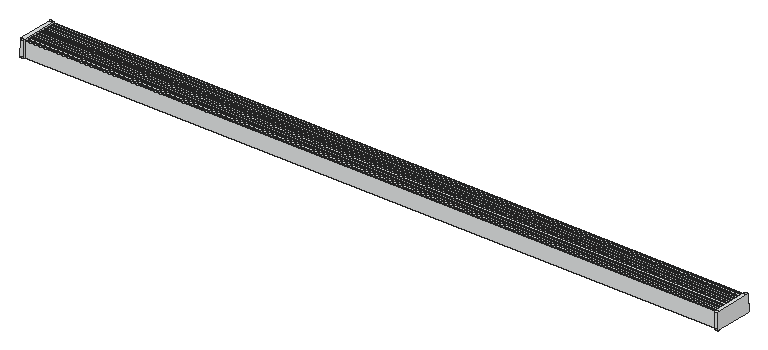
Revit family "Shower-Drain_Cover-KOHLER-Linear-K-80654_1", category Specialty Equipment, host Face, Revit 2017 (continued)
Definition of nested family "K-80654"
  Lines and regions (in)
    symbolic lines, detail levels medium+fine
      curve 2000: line (16.09332, -0.77, 0) -> (16.09332, -0.91, 0)
      curve 2001: line (16.09332, -0.67, 0) -> (15.42913, -0.67, 0)
      curve 2002: line (16.09332, -0.53, 0) -> (15.42913, -0.53, 0)
      curve 2003: line (15.31713, -0.67, 0) -> (14.68558, -0.67, 0)
      curve 2004: line (15.31713, -0.53, 0) -> (14.68558, -0.53, 0)
      curve 2005: line (16.09332, -0.53, 0) -> (16.09332, -0.67, 0)
      curve 2006: line (14.68558, -0.43, 0) -> (14.68558, -0.29, 0)
      curve 2007: line (15.31713, -0.53, 0) -> (15.31713, -0.67, 0)
      curve 2008: line (15.42913, -0.53, 0) -> (15.42913, -0.67, 0)
      curve 2009: line (16.09332, -0.43, 0) -> (15.42913, -0.43, 0)
      curve 2010: line (16.09332, -0.29, 0) -> (15.42913, -0.29, 0)
      curve 2011: line (16.09332, -0.29, 0) -> (16.09332, -0.43, 0)
      curve 2012: line (15.42913, -0.29, 0) -> (15.42913, -0.43, 0)
      curve 2013: line (15.31713, -0.29, 0) -> (15.31713, -0.43, 0)
      curve 2014: line (14.68558, -0.19, 0) -> (14.68558, -0.05, 0)
      curve 2015: line (15.31713, -0.29, 0) -> (14.68558, -0.29, 0)
      curve 2016: line (15.31713, -0.43, 0) -> (14.68558, -0.43, 0)
      curve 2017: line (16.09332, -0.19, 0) -> (15.42913, -0.19, 0)
      curve 2018: line (16.09332, -0.05, 0) -> (15.42913, -0.05, 0)
      curve 2019: line (15.31713, -0.19, 0) -> (14.68558, -0.19, 0)
      curve 2020: line (15.31713, -0.05, 0) -> (14.68558, -0.05, 0)
      curve 2021: line (14.55541, 0.05, 0) -> (14.55541, 0.19, 0)
      curve 2022: line (13.99954, 1.15, 0) -> (14.45865, 1.15, 0)
      curve 2023: line (13.90042, 1.05088, 0) -> (13.90042, 1.01, 0)
      curve 2024: arc (13.90042, 1.05088, 0) -> (13.92945, 1.12097, 0) -> (13.99954, 1.15, 0) r 0.09912
      curve 2025: line (13.90042, 0.91, 0) -> (14.55541, 0.91, 0)
      curve 2026: line (14.55541, 1.01, 0) -> (13.90042, 1.01, 0)
      curve 2027: line (13.90042, 0.91, 0) -> (13.90042, 0.77, 0)
      curve 2028: line (13.90042, 0.67, 0) -> (13.90042, 0.53, 0)
      curve 2029: line (14.55541, 0.77, 0) -> (13.90042, 0.77, 0)
      curve 2030: line (14.55541, 0.77, 0) -> (14.55541, 0.91, 0)
      curve 2031: line (14.55541, 0.67, 0) -> (13.90042, 0.67, 0)
      curve 2032: line (14.55541, 0.53, 0) -> (13.90042, 0.53, 0)
      curve 2033: line (13.90042, 0.43, 0) -> (13.90042, 0.29, 0)
      curve 2034: line (14.55541, 0.53, 0) -> (14.55541, 0.67, 0)
      curve 2035: line (14.55541, 0.29, 0) -> (14.55541, 0.43, 0)
      curve 2036: line (13.90042, 0.19, 0) -> (13.90042, 0.05, 0)
      curve 2037: line (14.55541, 0.29, 0) -> (13.90042, 0.29, 0)
      curve 2038: line (14.55541, 0.43, 0) -> (13.90042, 0.43, 0)
      curve 2039: line (14.55541, 0.19, 0) -> (13.90042, 0.19, 0)
      curve 2040: line (14.55541, 0.05, 0) -> (13.90042, 0.05, 0)
      curve 2041: line (14.55541, -0.05, 0) -> (14.55541, -0.19, 0)
      curve 2042: line (13.99954, -1.15, 0) -> (14.45714, -1.15, 0)
      curve 2043: line (13.90042, -1.05088, 0) -> (13.90042, -1.01, 0)
      curve 2044: arc (13.90042, -1.05088, 0) -> (13.92945, -1.12097, 0) -> (13.99954, -1.15, 0) r 0.09912
      curve 2045: line (13.90042, -0.91, 0) -> (14.55541, -0.91, 0)
      curve 2046: line (14.55541, -1.01, 0) -> (13.90042, -1.01, 0)
      curve 2047: line (13.90042, -0.91, 0) -> (13.90042, -0.77, 0)
      curve 2048: line (13.90042, -0.67, 0) -> (13.90042, -0.53, 0)
      curve 2049: line (14.55541, -0.77, 0) -> (13.90042, -0.77, 0)
      curve 2050: line (14.55541, -0.77, 0) -> (14.55541, -0.91, 0)
      curve 2051: line (14.55541, -0.67, 0) -> (13.90042, -0.67, 0)
      curve 2052: line (14.55541, -0.53, 0) -> (13.90042, -0.53, 0)
      curve 2053: line (13.90042, -0.43, 0) -> (13.90042, -0.29, 0)
      curve 2054: line (14.55541, -0.53, 0) -> (14.55541, -0.67, 0)
      curve 2055: line (14.55541, -0.29, 0) -> (14.55541, -0.43, 0)
      curve 2056: line (13.90042, -0.19, 0) -> (13.90042, -0.05, 0)
      curve 2057: line (14.55541, -0.29, 0) -> (13.90042, -0.29, 0)
      curve 2058: line (14.55541, -0.43, 0) -> (13.90042, -0.43, 0)
      curve 2059: line (14.55541, -0.19, 0) -> (13.90042, -0.19, 0)
      curve 2060: line (14.55541, -0.05, 0) -> (13.90042, -0.05, 0)
      curve 2061: line (14.55541, -1.01, 0) -> (14.55541, -1.05173, 0)
      curve 2062: arc (14.55541, -1.05173, 0) -> (14.52663, -1.12122, 0) -> (14.45714, -1.15, 0) r 0.09827
      curve 2063: line (14.55541, 1.01, 0) -> (14.55541, 1.05324, 0)
      curve 2064: arc (14.55541, 1.05324, 0) -> (14.52707, 1.12166, 0) -> (14.45865, 1.15, 0) r 0.09676
      curve 2065: line (13.78675, 0.05, 0) -> (13.78675, 0.19, 0)
      curve 2066: line (13.23089, 1.15, 0) -> (13.68999, 1.15, 0)
      curve 2067: line (13.13177, 1.05088, 0) -> (13.13177, 1.01, 0)
      curve 2068: arc (13.13177, 1.05088, 0) -> (13.1608, 1.12097, 0) -> (13.23089, 1.15, 0) r 0.09912
      curve 2069: line (13.13177, 0.91, 0) -> (13.78675, 0.91, 0)
      curve 2070: line (13.78675, 1.01, 0) -> (13.13177, 1.01, 0)
      curve 2071: line (13.13177, 0.91, 0) -> (13.13177, 0.77, 0)
      curve 2072: line (13.13177, 0.67, 0) -> (13.13177, 0.53, 0)
      curve 2073: line (13.78675, 0.77, 0) -> (13.13177, 0.77, 0)
      curve 2074: line (13.78675, 0.77, 0) -> (13.78675, 0.91, 0)
      curve 2075: line (13.78675, 0.67, 0) -> (13.13177, 0.67, 0)
      curve 2076: line (13.78675, 0.53, 0) -> (13.13177, 0.53, 0)
      curve 2077: line (13.13177, 0.43, 0) -> (13.13177, 0.29, 0)
      curve 2078: line (13.78675, 0.53, 0) -> (13.78675, 0.67, 0)
      curve 2079: line (13.78675, 0.29, 0) -> (13.78675, 0.43, 0)
      curve 2080: line (13.13177, 0.19, 0) -> (13.13177, 0.05, 0)
      curve 2081: line (13.78675, 0.29, 0) -> (13.13177, 0.29, 0)
      curve 2082: line (13.78675, 0.43, 0) -> (13.13177, 0.43, 0)
      curve 2083: line (13.78675, 0.19, 0) -> (13.13177, 0.19, 0)
      curve 2084: line (13.78675, 0.05, 0) -> (13.13177, 0.05, 0)
      curve 2085: line (13.78675, -0.05, 0) -> (13.78675, -0.19, 0)
      curve 2086: line (13.23089, -1.15, 0) -> (13.68848, -1.15, 0)
      curve 2087: line (13.13177, -1.05088, 0) -> (13.13177, -1.01, 0)
      curve 2088: arc (13.13177, -1.05088, 0) -> (13.1608, -1.12097, 0) -> (13.23089, -1.15, 0) r 0.09912
      curve 2089: line (13.13177, -0.91, 0) -> (13.78675, -0.91, 0)
      curve 2090: line (13.78675, -1.01, 0) -> (13.13177, -1.01, 0)
      curve 2091: line (13.13177, -0.91, 0) -> (13.13177, -0.77, 0)
      curve 2092: line (13.13177, -0.67, 0) -> (13.13177, -0.53, 0)
      curve 2093: line (13.78675, -0.77, 0) -> (13.13177, -0.77, 0)
      curve 2094: line (13.78675, -0.77, 0) -> (13.78675, -0.91, 0)
      curve 2095: line (13.78675, -0.67, 0) -> (13.13177, -0.67, 0)
      curve 2096: line (13.78675, -0.53, 0) -> (13.13177, -0.53, 0)
      curve 2097: line (13.13177, -0.43, 0) -> (13.13177, -0.29, 0)
      curve 2098: line (13.78675, -0.53, 0) -> (13.78675, -0.67, 0)
      curve 2099: line (13.78675, -0.29, 0) -> (13.78675, -0.43, 0)
      curve 2100: line (13.13177, -0.19, 0) -> (13.13177, -0.05, 0)
      curve 2101: line (13.78675, -0.29, 0) -> (13.13177, -0.29, 0)
      curve 2102: line (13.78675, -0.43, 0) -> (13.13177, -0.43, 0)
      curve 2103: line (13.78675, -0.19, 0) -> (13.13177, -0.19, 0)
      curve 2104: line (13.78675, -0.05, 0) -> (13.13177, -0.05, 0)
      curve 2105: line (13.78675, -1.01, 0) -> (13.78675, -1.05173, 0)
      curve 2106: arc (13.78675, -1.05173, 0) -> (13.75797, -1.12122, 0) -> (13.68848, -1.15, 0) r 0.09827
      curve 2107: line (13.78675, 1.01, 0) -> (13.78675, 1.05324, 0)
      curve 2108: arc (13.78675, 1.05324, 0) -> (13.75841, 1.12166, 0) -> (13.68999, 1.15, 0) r 0.09676
      curve 2109: line (13.01791, 0.05, 0) -> (13.01791, 0.19, 0)
      curve 2110: line (12.46204, 1.15, 0) -> (12.92115, 1.15, 0)
      curve 2111: line (12.36292, 1.05088, 0) -> (12.36292, 1.01, 0)
      curve 2112: arc (12.36292, 1.05088, 0) -> (12.39195, 1.12097, 0) -> (12.46204, 1.15, 0) r 0.09912
      curve 2113: line (12.36292, 0.91, 0) -> (13.01791, 0.91, 0)
      curve 2114: line (13.01791, 1.01, 0) -> (12.36292, 1.01, 0)
      curve 2115: line (12.36292, 0.91, 0) -> (12.36292, 0.77, 0)
      curve 2116: line (12.36292, 0.67, 0) -> (12.36292, 0.53, 0)
      curve 2117: line (13.01791, 0.77, 0) -> (12.36292, 0.77, 0)
      curve 2118: line (13.01791, 0.77, 0) -> (13.01791, 0.91, 0)
      curve 2119: line (13.01791, 0.67, 0) -> (12.36292, 0.67, 0)
      curve 2120: line (13.01791, 0.53, 0) -> (12.36292, 0.53, 0)
      curve 2121: line (12.36292, 0.43, 0) -> (12.36292, 0.29, 0)
      curve 2122: line (13.01791, 0.53, 0) -> (13.01791, 0.67, 0)
      curve 2123: line (13.01791, 0.29, 0) -> (13.01791, 0.43, 0)
      curve 2124: line (12.36292, 0.19, 0) -> (12.36292, 0.05, 0)
      curve 2125: line (13.01791, 0.29, 0) -> (12.36292, 0.29, 0)
      curve 2126: line (13.01791, 0.43, 0) -> (12.36292, 0.43, 0)
      curve 2127: line (13.01791, 0.19, 0) -> (12.36292, 0.19, 0)
      curve 2128: line (13.01791, 0.05, 0) -> (12.36292, 0.05, 0)
      curve 2129: line (13.01791, -0.05, 0) -> (13.01791, -0.19, 0)
      curve 2130: line (12.46204, -1.15, 0) -> (12.91964, -1.15, 0)
      curve 2131: line (12.36292, -1.05088, 0) -> (12.36292, -1.01, 0)
      curve 2132: arc (12.36292, -1.05088, 0) -> (12.39195, -1.12097, 0) -> (12.46204, -1.15, 0) r 0.09912
      curve 2133: line (12.36292, -0.91, 0) -> (13.01791, -0.91, 0)
      curve 2134: line (13.01791, -1.01, 0) -> (12.36292, -1.01, 0)
      curve 2135: line (12.36292, -0.91, 0) -> (12.36292, -0.77, 0)
      curve 2136: line (12.36292, -0.67, 0) -> (12.36292, -0.53, 0)
      curve 2137: line (13.01791, -0.77, 0) -> (12.36292, -0.77, 0)
      curve 2138: line (13.01791, -0.77, 0) -> (13.01791, -0.91, 0)
      curve 2139: line (13.01791, -0.67, 0) -> (12.36292, -0.67, 0)
      curve 2140: line (13.01791, -0.53, 0) -> (12.36292, -0.53, 0)
      curve 2141: line (12.36292, -0.43, 0) -> (12.36292, -0.29, 0)
      curve 2142: line (13.01791, -0.53, 0) -> (13.01791, -0.67, 0)
      curve 2143: line (13.01791, -0.29, 0) -> (13.01791, -0.43, 0)
      curve 2144: line (12.36292, -0.19, 0) -> (12.36292, -0.05, 0)
      curve 2145: line (13.01791, -0.29, 0) -> (12.36292, -0.29, 0)
      curve 2146: line (13.01791, -0.43, 0) -> (12.36292, -0.43, 0)
      curve 2147: line (13.01791, -0.19, 0) -> (12.36292, -0.19, 0)
      curve 2148: line (13.01791, -0.05, 0) -> (12.36292, -0.05, 0)
      curve 2149: line (13.01791, -1.01, 0) -> (13.01791, -1.05173, 0)
      curve 2150: arc (13.01791, -1.05173, 0) -> (12.98912, -1.12122, 0) -> (12.91964, -1.15, 0) r 0.09827
      curve 2151: line (13.01791, 1.01, 0) -> (13.01791, 1.05324, 0)
      curve 2152: arc (13.01791, 1.05324, 0) -> (12.98957, 1.12166, 0) -> (12.92115, 1.15, 0) r 0.09676
      curve 2153: line (11.58485, 0.05, 0) -> (11.58485, 0.19, 0)
      curve 2154: arc (11.58485, 0.83109, 0) -> (11.59658, 0.87565, 0) -> (11.6273, 0.91, 0) r 0.09854
      curve 2155: arc (11.6922, 1.01, 0) -> (11.69514, 1.02893, 0) -> (11.69588, 1.04807, 0) r 0.16707
      curve 2156: line (12.14853, 1.15, 0) -> (11.79596, 1.15, 0)
      curve 2157: arc (12.24765, 1.05088, 0) -> (12.21862, 1.12097, 0) -> (12.14853, 1.15, 0) r 0.09912
      curve 2158: arc (11.79596, 1.15, 0) -> (11.72454, 1.12003, 0) -> (11.69588, 1.04807, 0) r 0.10009
      curve 2159: arc (11.44149, 1.01, 0) -> (11.52885, 1.13911, 0) -> (11.6162, 1.01, 0) r 0.09411
      curve 2160: line (11.47285, 0.05, 0) -> (11.47285, 0.19, 0)
      curve 2161: arc (11.47285, 0.83109, 0) -> (11.46111, 0.87565, 0) -> (11.4304, 0.91, 0) r 0.09854
      curve 2162: arc (11.36549, 1.01, 0) -> (11.36256, 1.02893, 0) -> (11.36181, 1.04807, 0) r 0.16707
      curve 2163: line (10.94042, 1.15, 0) -> (11.26174, 1.15, 0)
      curve 2164: line (10.8413, 1.05088, 0) -> (10.8413, 1.01, 0)
      curve 2165: arc (10.8413, 1.05088, 0) -> (10.87033, 1.12097, 0) -> (10.94042, 1.15, 0) r 0.09912
      curve 2166: arc (11.26174, 1.15, 0) -> (11.33316, 1.12003, 0) -> (11.36181, 1.04807, 0) r 0.10009
      curve 2167: line (10.8413, 0.91, 0) -> (11.4304, 0.91, 0)
      curve 2168: line (12.24903, 0.05, 0) -> (12.24903, 0.19, 0)
      curve 2169: line (12.24903, 1.01, 0) -> (11.6922, 1.01, 0)
      curve 2170: line (11.36549, 1.01, 0) -> (10.8413, 1.01, 0)
      curve 2171: line (11.6162, 1.01, 0) -> (11.44149, 1.01, 0)
      curve 2172: line (12.24903, 1.01, 0) -> (12.24903, 1.05088, 0)
      curve 2173: line (10.8413, 0.91, 0) -> (10.8413, 0.77, 0)
      curve 2174: line (12.24903, 0.77, 0) -> (11.58485, 0.77, 0)
      curve 2175: line (11.6273, 0.91, 0) -> (12.24903, 0.91, 0)
      curve 2176: line (10.8413, 0.67, 0) -> (10.8413, 0.53, 0)
      curve 2177: line (11.47285, 0.77, 0) -> (10.8413, 0.77, 0)
      curve 2178: line (11.58485, 0.77, 0) -> (11.58485, 0.83109, 0)
      curve 2179: line (11.47285, 0.77, 0) -> (11.47285, 0.83109, 0)
      curve 2180: line (12.24903, 0.77, 0) -> (12.24903, 0.91, 0)
      curve 2181: line (12.24903, 0.67, 0) -> (11.58485, 0.67, 0)
      curve 2182: line (12.24903, 0.53, 0) -> (11.58485, 0.53, 0)
      curve 2183: line (11.47285, 0.67, 0) -> (10.8413, 0.67, 0)
      curve 2184: line (11.47285, 0.53, 0) -> (10.8413, 0.53, 0)
      curve 2185: line (12.24903, 0.53, 0) -> (12.24903, 0.67, 0)
      curve 2186: line (10.8413, 0.43, 0) -> (10.8413, 0.29, 0)
      curve 2187: line (11.47285, 0.53, 0) -> (11.47285, 0.67, 0)
      curve 2188: line (11.58485, 0.53, 0) -> (11.58485, 0.67, 0)
      curve 2189: line (12.24903, 0.43, 0) -> (11.58485, 0.43, 0)
      curve 2190: line (12.24903, 0.29, 0) -> (11.58485, 0.29, 0)
      curve 2191: line (12.24903, 0.29, 0) -> (12.24903, 0.43, 0)
      curve 2192: line (11.58485, 0.29, 0) -> (11.58485, 0.43, 0)
      curve 2193: line (11.47285, 0.29, 0) -> (11.47285, 0.43, 0)
      curve 2194: line (10.8413, 0.19, 0) -> (10.8413, 0.05, 0)
      curve 2195: line (11.47285, 0.29, 0) -> (10.8413, 0.29, 0)
      curve 2196: line (11.47285, 0.43, 0) -> (10.8413, 0.43, 0)
      curve 2197: line (12.24903, 0.19, 0) -> (11.58485, 0.19, 0)
      curve 2198: line (12.24903, 0.05, 0) -> (11.58485, 0.05, 0)
      curve 2199: line (11.47285, 0.19, 0) -> (10.8413, 0.19, 0)
      curve 2200: line (11.47285, 0.05, 0) -> (10.8413, 0.05, 0)
      curve 2201: line (11.58485, -0.05, 0) -> (11.58485, -0.19, 0)
      curve 2202: arc (11.58485, -0.83109, 0) -> (11.59658, -0.87565, 0) -> (11.6273, -0.91, 0) r 0.09854
      curve 2203: arc (11.6922, -1.01, 0) -> (11.69514, -1.02893, 0) -> (11.69588, -1.04807, 0) r 0.16707
      curve 2204: line (12.14853, -1.15, 0) -> (11.79596, -1.15, 0)
      curve 2205: arc (12.24765, -1.05088, 0) -> (12.21862, -1.12097, 0) -> (12.14853, -1.15, 0) r 0.09912
      curve 2206: arc (11.79596, -1.15, 0) -> (11.72454, -1.12003, 0) -> (11.69588, -1.04807, 0) r 0.10009
      curve 2207: arc (11.44149, -1.01, 0) -> (11.52885, -1.13911, 0) -> (11.6162, -1.01, 0) r 0.09411
      curve 2208: line (11.47285, -0.05, 0) -> (11.47285, -0.19, 0)
      curve 2209: arc (11.47285, -0.83109, 0) -> (11.46111, -0.87565, 0) -> (11.4304, -0.91, 0) r 0.09854
      curve 2210: arc (11.36549, -1.01, 0) -> (11.36256, -1.02893, 0) -> (11.36181, -1.04807, 0) r 0.16707
      curve 2211: line (10.94042, -1.15, 0) -> (11.26174, -1.15, 0)
      curve 2212: line (10.8413, -1.05088, 0) -> (10.8413, -1.01, 0)
      curve 2213: arc (10.8413, -1.05088, 0) -> (10.87033, -1.12097, 0) -> (10.94042, -1.15, 0) r 0.09912
      curve 2214: arc (11.26174, -1.15, 0) -> (11.33316, -1.12003, 0) -> (11.36181, -1.04807, 0) r 0.10009
      curve 2215: line (10.8413, -0.91, 0) -> (11.4304, -0.91, 0)
      curve 2216: line (12.24903, -0.05, 0) -> (12.24903, -0.19, 0)
      curve 2217: line (12.24903, -1.01, 0) -> (11.6922, -1.01, 0)
      curve 2218: line (11.36549, -1.01, 0) -> (10.8413, -1.01, 0)
      curve 2219: line (11.6162, -1.01, 0) -> (11.44149, -1.01, 0)
      curve 2220: line (12.24903, -1.01, 0) -> (12.24903, -1.05088, 0)
      curve 2221: line (10.8413, -0.91, 0) -> (10.8413, -0.77, 0)
      curve 2222: line (12.24903, -0.77, 0) -> (11.58485, -0.77, 0)
      curve 2223: line (11.6273, -0.91, 0) -> (12.24903, -0.91, 0)
      curve 2224: line (10.8413, -0.67, 0) -> (10.8413, -0.53, 0)
      curve 2225: line (11.47285, -0.77, 0) -> (10.8413, -0.77, 0)
      curve 2226: line (11.58485, -0.77, 0) -> (11.58485, -0.83109, 0)
      curve 2227: line (11.47285, -0.77, 0) -> (11.47285, -0.83109, 0)
      curve 2228: line (12.24903, -0.77, 0) -> (12.24903, -0.91, 0)
      curve 2229: line (12.24903, -0.67, 0) -> (11.58485, -0.67, 0)
      curve 2230: line (12.24903, -0.53, 0) -> (11.58485, -0.53, 0)
      curve 2231: line (11.47285, -0.67, 0) -> (10.8413, -0.67, 0)
      curve 2232: line (11.47285, -0.53, 0) -> (10.8413, -0.53, 0)
      curve 2233: line (12.24903, -0.53, 0) -> (12.24903, -0.67, 0)
      curve 2234: line (10.8413, -0.43, 0) -> (10.8413, -0.29, 0)
      curve 2235: line (11.47285, -0.53, 0) -> (11.47285, -0.67, 0)
      curve 2236: line (11.58485, -0.53, 0) -> (11.58485, -0.67, 0)
      curve 2237: line (12.24903, -0.43, 0) -> (11.58485, -0.43, 0)
      curve 2238: line (12.24903, -0.29, 0) -> (11.58485, -0.29, 0)
      curve 2239: line (12.24903, -0.29, 0) -> (12.24903, -0.43, 0)
      curve 2240: line (11.58485, -0.29, 0) -> (11.58485, -0.43, 0)
      curve 2241: line (11.47285, -0.29, 0) -> (11.47285, -0.43, 0)
      curve 2242: line (10.8413, -0.19, 0) -> (10.8413, -0.05, 0)
      curve 2243: line (11.47285, -0.29, 0) -> (10.8413, -0.29, 0)
      curve 2244: line (11.47285, -0.43, 0) -> (10.8413, -0.43, 0)
      curve 2245: line (12.24903, -0.19, 0) -> (11.58485, -0.19, 0)
      curve 2246: line (12.24903, -0.05, 0) -> (11.58485, -0.05, 0)
      curve 2247: line (11.47285, -0.19, 0) -> (10.8413, -0.19, 0)
      curve 2248: line (11.47285, -0.05, 0) -> (10.8413, -0.05, 0)
      curve 2249: line (10.71113, 0.05, 0) -> (10.71113, 0.19, 0)
      curve 2250: line (10.15526, 1.15, 0) -> (10.61437, 1.15, 0)
      curve 2251: line (10.05614, 1.05088, 0) -> (10.05614, 1.01, 0)
      curve 2252: arc (10.05614, 1.05088, 0) -> (10.08517, 1.12097, 0) -> (10.15526, 1.15, 0) r 0.09912
      curve 2253: line (10.05614, 0.91, 0) -> (10.71113, 0.91, 0)
      curve 2254: line (10.71113, 1.01, 0) -> (10.05614, 1.01, 0)
      curve 2255: line (10.05614, 0.91, 0) -> (10.05614, 0.77, 0)
      curve 2256: line (10.05614, 0.67, 0) -> (10.05614, 0.53, 0)
      curve 2257: line (10.71113, 0.77, 0) -> (10.05614, 0.77, 0)
      curve 2258: line (10.71113, 0.77, 0) -> (10.71113, 0.91, 0)
      curve 2259: line (10.71113, 0.67, 0) -> (10.05614, 0.67, 0)
      curve 2260: line (10.71113, 0.53, 0) -> (10.05614, 0.53, 0)
      curve 2261: line (10.05614, 0.43, 0) -> (10.05614, 0.29, 0)
      curve 2262: line (10.71113, 0.53, 0) -> (10.71113, 0.67, 0)
      curve 2263: line (10.71113, 0.29, 0) -> (10.71113, 0.43, 0)
      curve 2264: line (10.05614, 0.19, 0) -> (10.05614, 0.05, 0)
      curve 2265: line (10.71113, 0.29, 0) -> (10.05614, 0.29, 0)
      curve 2266: line (10.71113, 0.43, 0) -> (10.05614, 0.43, 0)
      curve 2267: line (10.71113, 0.19, 0) -> (10.05614, 0.19, 0)
      curve 2268: line (10.71113, 0.05, 0) -> (10.05614, 0.05, 0)
      curve 2269: line (10.71113, -0.05, 0) -> (10.71113, -0.19, 0)
      curve 2270: line (10.15526, -1.15, 0) -> (10.61286, -1.15, 0)
      curve 2271: line (10.05614, -1.05088, 0) -> (10.05614, -1.01, 0)
      curve 2272: arc (10.05614, -1.05088, 0) -> (10.08517, -1.12097, 0) -> (10.15526, -1.15, 0) r 0.09912
      curve 2273: line (10.05614, -0.91, 0) -> (10.71113, -0.91, 0)
      curve 2274: line (10.71113, -1.01, 0) -> (10.05614, -1.01, 0)
      curve 2275: line (10.05614, -0.91, 0) -> (10.05614, -0.77, 0)
      curve 2276: line (10.05614, -0.67, 0) -> (10.05614, -0.53, 0)
      curve 2277: line (10.71113, -0.77, 0) -> (10.05614, -0.77, 0)
      curve 2278: line (10.71113, -0.77, 0) -> (10.71113, -0.91, 0)
      curve 2279: line (10.71113, -0.67, 0) -> (10.05614, -0.67, 0)
      curve 2280: line (10.71113, -0.53, 0) -> (10.05614, -0.53, 0)
      curve 2281: line (10.05614, -0.43, 0) -> (10.05614, -0.29, 0)
      curve 2282: line (10.71113, -0.53, 0) -> (10.71113, -0.67, 0)
      curve 2283: line (10.71113, -0.29, 0) -> (10.71113, -0.43, 0)
      curve 2284: line (10.05614, -0.19, 0) -> (10.05614, -0.05, 0)
      curve 2285: line (10.71113, -0.29, 0) -> (10.05614, -0.29, 0)
      curve 2286: line (10.71113, -0.43, 0) -> (10.05614, -0.43, 0)
      curve 2287: line (10.71113, -0.19, 0) -> (10.05614, -0.19, 0)
      curve 2288: line (10.71113, -0.05, 0) -> (10.05614, -0.05, 0)
      curve 2289: line (10.71113, -1.01, 0) -> (10.71113, -1.05173, 0)
      curve 2290: arc (10.71113, -1.05173, 0) -> (10.68235, -1.12122, 0) -> (10.61286, -1.15, 0) r 0.09827
      curve 2291: line (10.71113, 1.01, 0) -> (10.71113, 1.05324, 0)
      curve 2292: arc (10.71113, 1.05324, 0) -> (10.68279, 1.12166, 0) -> (10.61437, 1.15, 0) r 0.09676
      curve 2293: line (9.94247, 0.05, 0) -> (9.94247, 0.19, 0)
      curve 2294: line (9.38661, 1.15, 0) -> (9.84571, 1.15, 0)
      curve 2295: line (9.28749, 1.05088, 0) -> (9.28749, 1.01, 0)
      curve 2296: arc (9.28749, 1.05088, 0) -> (9.31652, 1.12097, 0) -> (9.38661, 1.15, 0) r 0.09912
      curve 2297: line (9.28749, 0.91, 0) -> (9.94247, 0.91, 0)
      curve 2298: line (9.94247, 1.01, 0) -> (9.28749, 1.01, 0)
      curve 2299: line (9.28749, 0.91, 0) -> (9.28749, 0.77, 0)
      curve 2300: line (9.28749, 0.67, 0) -> (9.28749, 0.53, 0)
      curve 2301: line (9.94247, 0.77, 0) -> (9.28749, 0.77, 0)
      curve 2302: line (9.94247, 0.77, 0) -> (9.94247, 0.91, 0)
      curve 2303: line (9.94247, 0.67, 0) -> (9.28749, 0.67, 0)
      curve 2304: line (9.94247, 0.53, 0) -> (9.28749, 0.53, 0)
      curve 2305: line (9.28749, 0.43, 0) -> (9.28749, 0.29, 0)
      curve 2306: line (9.94247, 0.53, 0) -> (9.94247, 0.67, 0)
      curve 2307: line (9.94247, 0.29, 0) -> (9.94247, 0.43, 0)
      curve 2308: line (9.28749, 0.19, 0) -> (9.28749, 0.05, 0)
      curve 2309: line (9.94247, 0.29, 0) -> (9.28749, 0.29, 0)
      curve 2310: line (9.94247, 0.43, 0) -> (9.28749, 0.43, 0)
      curve 2311: line (9.94247, 0.19, 0) -> (9.28749, 0.19, 0)
      curve 2312: line (9.94247, 0.05, 0) -> (9.28749, 0.05, 0)
      curve 2313: line (9.94247, -0.05, 0) -> (9.94247, -0.19, 0)
      curve 2314: line (9.38661, -1.15, 0) -> (9.8442, -1.15, 0)
      curve 2315: line (9.28749, -1.05088, 0) -> (9.28749, -1.01, 0)
      curve 2316: arc (9.28749, -1.05088, 0) -> (9.31652, -1.12097, 0) -> (9.38661, -1.15, 0) r 0.09912
      curve 2317: line (9.28749, -0.91, 0) -> (9.94247, -0.91, 0)
      curve 2318: line (9.94247, -1.01, 0) -> (9.28749, -1.01, 0)
      curve 2319: line (9.28749, -0.91, 0) -> (9.28749, -0.77, 0)
      curve 2320: line (9.28749, -0.67, 0) -> (9.28749, -0.53, 0)
      curve 2321: line (9.94247, -0.77, 0) -> (9.28749, -0.77, 0)
      curve 2322: line (9.94247, -0.77, 0) -> (9.94247, -0.91, 0)
      curve 2323: line (9.94247, -0.67, 0) -> (9.28749, -0.67, 0)
      curve 2324: line (9.94247, -0.53, 0) -> (9.28749, -0.53, 0)
      curve 2325: line (9.28749, -0.43, 0) -> (9.28749, -0.29, 0)
      curve 2326: line (9.94247, -0.53, 0) -> (9.94247, -0.67, 0)
      curve 2327: line (9.94247, -0.29, 0) -> (9.94247, -0.43, 0)
      curve 2328: line (9.28749, -0.19, 0) -> (9.28749, -0.05, 0)
      curve 2329: line (9.94247, -0.29, 0) -> (9.28749, -0.29, 0)
      curve 2330: line (9.94247, -0.43, 0) -> (9.28749, -0.43, 0)
      curve 2331: line (9.94247, -0.19, 0) -> (9.28749, -0.19, 0)
      curve 2332: line (9.94247, -0.05, 0) -> (9.28749, -0.05, 0)
      curve 2333: line (9.94247, -1.01, 0) -> (9.94247, -1.05173, 0)
      curve 2334: arc (9.94247, -1.05173, 0) -> (9.91369, -1.12122, 0) -> (9.8442, -1.15, 0) r 0.09827
      curve 2335: line (9.94247, 1.01, 0) -> (9.94247, 1.05324, 0)
      curve 2336: arc (9.94247, 1.05324, 0) -> (9.91413, 1.12166, 0) -> (9.84571, 1.15, 0) r 0.09676
      curve 2337: line (9.17362, 0.05, 0) -> (9.17362, 0.19, 0)
      curve 2338: line (8.61776, 1.15, 0) -> (9.07686, 1.15, 0)
      curve 2339: line (8.51864, 1.05088, 0) -> (8.51864, 1.01, 0)
      curve 2340: arc (8.51864, 1.05088, 0) -> (8.54767, 1.12097, 0) -> (8.61776, 1.15, 0) r 0.09912
      curve 2341: line (8.51864, 0.91, 0) -> (9.17362, 0.91, 0)
      curve 2342: line (9.17362, 1.01, 0) -> (8.51864, 1.01, 0)
      curve 2343: line (8.51864, 0.91, 0) -> (8.51864, 0.77, 0)
      curve 2344: line (8.51864, 0.67, 0) -> (8.51864, 0.53, 0)
      curve 2345: line (9.17362, 0.77, 0) -> (8.51864, 0.77, 0)
      curve 2346: line (9.17362, 0.77, 0) -> (9.17362, 0.91, 0)
      curve 2347: line (9.17362, 0.67, 0) -> (8.51864, 0.67, 0)
      curve 2348: line (9.17362, 0.53, 0) -> (8.51864, 0.53, 0)
      curve 2349: line (8.51864, 0.43, 0) -> (8.51864, 0.29, 0)
      curve 2350: line (9.17362, 0.53, 0) -> (9.17362, 0.67, 0)
      curve 2351: line (9.17362, 0.29, 0) -> (9.17362, 0.43, 0)
      curve 2352: line (8.51864, 0.19, 0) -> (8.51864, 0.05, 0)
      curve 2353: line (9.17362, 0.29, 0) -> (8.51864, 0.29, 0)
      curve 2354: line (9.17362, 0.43, 0) -> (8.51864, 0.43, 0)
      curve 2355: line (9.17362, 0.19, 0) -> (8.51864, 0.19, 0)
      curve 2356: line (9.17362, 0.05, 0) -> (8.51864, 0.05, 0)
      curve 2357: line (9.17362, -0.05, 0) -> (9.17362, -0.19, 0)
      curve 2358: line (8.61776, -1.15, 0) -> (9.07535, -1.15, 0)
      curve 2359: line (8.51864, -1.05088, 0) -> (8.51864, -1.01, 0)
      curve 2360: arc (8.51864, -1.05088, 0) -> (8.54767, -1.12097, 0) -> (8.61776, -1.15, 0) r 0.09912
      curve 2361: line (8.51864, -0.91, 0) -> (9.17362, -0.91, 0)
      curve 2362: line (9.17362, -1.01, 0) -> (8.51864, -1.01, 0)
      curve 2363: line (8.51864, -0.91, 0) -> (8.51864, -0.77, 0)
      curve 2364: line (8.51864, -0.67, 0) -> (8.51864, -0.53, 0)
      curve 2365: line (9.17362, -0.77, 0) -> (8.51864, -0.77, 0)
      curve 2366: line (9.17362, -0.77, 0) -> (9.17362, -0.91, 0)
      curve 2367: line (9.17362, -0.67, 0) -> (8.51864, -0.67, 0)
      curve 2368: line (9.17362, -0.53, 0) -> (8.51864, -0.53, 0)
      curve 2369: line (8.51864, -0.43, 0) -> (8.51864, -0.29, 0)
      curve 2370: line (9.17362, -0.53, 0) -> (9.17362, -0.67, 0)
      curve 2371: line (9.17362, -0.29, 0) -> (9.17362, -0.43, 0)
      curve 2372: line (8.51864, -0.19, 0) -> (8.51864, -0.05, 0)
      curve 2373: line (9.17362, -0.29, 0) -> (8.51864, -0.29, 0)
      curve 2374: line (9.17362, -0.43, 0) -> (8.51864, -0.43, 0)
      curve 2375: line (9.17362, -0.19, 0) -> (8.51864, -0.19, 0)
      curve 2376: line (9.17362, -0.05, 0) -> (8.51864, -0.05, 0)
      curve 2377: line (9.17362, -1.01, 0) -> (9.17362, -1.05173, 0)
      curve 2378: arc (9.17362, -1.05173, 0) -> (9.14484, -1.12122, 0) -> (9.07535, -1.15, 0) r 0.09827
      curve 2379: line (9.17362, 1.01, 0) -> (9.17362, 1.05324, 0)
      curve 2380: arc (9.17362, 1.05324, 0) -> (9.14528, 1.12166, 0) -> (9.07686, 1.15, 0) r 0.09676
      curve 2381: line (7.73889, 0.05, 0) -> (7.73889, 0.19, 0)
      curve 2382: arc (7.73889, 0.83109, 0) -> (7.75062, 0.87565, 0) -> (7.78133, 0.91, 0) r 0.09854
      curve 2383: arc (7.84624, 1.01, 0) -> (7.84918, 1.02893, 0) -> (7.84992, 1.04807, 0) r 0.16707
      curve 2384: line (8.30257, 1.15, 0) -> (7.95, 1.15, 0)
      curve 2385: arc (8.40169, 1.05088, 0) -> (8.37265, 1.12097, 0) -> (8.30257, 1.15, 0) r 0.09912
      curve 2386: arc (7.95, 1.15, 0) -> (7.87857, 1.12003, 0) -> (7.84992, 1.04807, 0) r 0.10009
      curve 2387: arc (7.59553, 1.01, 0) -> (7.68289, 1.13911, 0) -> (7.77024, 1.01, 0) r 0.09411
      curve 2388: line (7.62689, 0.05, 0) -> (7.62689, 0.19, 0)
      curve 2389: arc (7.62689, 0.83109, 0) -> (7.61515, 0.87565, 0) -> (7.58444, 0.91, 0) r 0.09854
      curve 2390: arc (7.51953, 1.01, 0) -> (7.51659, 1.02893, 0) -> (7.51585, 1.04807, 0) r 0.16707
      curve 2391: line (7.09446, 1.15, 0) -> (7.41578, 1.15, 0)
      curve 2392: line (6.99534, 1.05088, 0) -> (6.99534, 1.01, 0)
      curve 2393: arc (6.99534, 1.05088, 0) -> (7.02437, 1.12097, 0) -> (7.09446, 1.15, 0) r 0.09912
      curve 2394: arc (7.41578, 1.15, 0) -> (7.4872, 1.12003, 0) -> (7.51585, 1.04807, 0) r 0.10009
      curve 2395: line (6.99534, 0.91, 0) -> (7.58444, 0.91, 0)
      curve 2396: line (8.40307, 0.05, 0) -> (8.40307, 0.19, 0)
      curve 2397: line (8.40307, 1.01, 0) -> (7.84624, 1.01, 0)
      curve 2398: line (7.51953, 1.01, 0) -> (6.99534, 1.01, 0)
      curve 2399: line (7.77024, 1.01, 0) -> (7.59553, 1.01, 0)
      curve 2400: line (8.40307, 1.01, 0) -> (8.40307, 1.05088, 0)
      curve 2401: line (6.99534, 0.91, 0) -> (6.99534, 0.77, 0)
      curve 2402: line (8.40307, 0.77, 0) -> (7.73889, 0.77, 0)
      curve 2403: line (7.78133, 0.91, 0) -> (8.40307, 0.91, 0)
      curve 2404: line (6.99534, 0.67, 0) -> (6.99534, 0.53, 0)
      curve 2405: line (7.62689, 0.77, 0) -> (6.99534, 0.77, 0)
      curve 2406: line (7.73889, 0.77, 0) -> (7.73889, 0.83109, 0)
      curve 2407: line (7.62689, 0.77, 0) -> (7.62689, 0.83109, 0)
      curve 2408: line (8.40307, 0.77, 0) -> (8.40307, 0.91, 0)
      curve 2409: line (8.40307, 0.67, 0) -> (7.73889, 0.67, 0)
      curve 2410: line (8.40307, 0.53, 0) -> (7.73889, 0.53, 0)
      curve 2411: line (7.62689, 0.67, 0) -> (6.99534, 0.67, 0)
      curve 2412: line (7.62689, 0.53, 0) -> (6.99534, 0.53, 0)
      curve 2413: line (8.40307, 0.53, 0) -> (8.40307, 0.67, 0)
      curve 2414: line (6.99534, 0.43, 0) -> (6.99534, 0.29, 0)
      curve 2415: line (7.62689, 0.53, 0) -> (7.62689, 0.67, 0)
      curve 2416: line (7.73889, 0.53, 0) -> (7.73889, 0.67, 0)
      curve 2417: line (8.40307, 0.43, 0) -> (7.73889, 0.43, 0)
      curve 2418: line (8.40307, 0.29, 0) -> (7.73889, 0.29, 0)
      curve 2419: line (8.40307, 0.29, 0) -> (8.40307, 0.43, 0)
      curve 2420: line (7.73889, 0.29, 0) -> (7.73889, 0.43, 0)
      curve 2421: line (7.62689, 0.29, 0) -> (7.62689, 0.43, 0)
      curve 2422: line (6.99534, 0.19, 0) -> (6.99534, 0.05, 0)
      curve 2423: line (7.62689, 0.29, 0) -> (6.99534, 0.29, 0)
      curve 2424: line (7.62689, 0.43, 0) -> (6.99534, 0.43, 0)
      curve 2425: line (8.40307, 0.19, 0) -> (7.73889, 0.19, 0)
      curve 2426: line (8.40307, 0.05, 0) -> (7.73889, 0.05, 0)
      curve 2427: line (7.62689, 0.19, 0) -> (6.99534, 0.19, 0)
      curve 2428: line (7.62689, 0.05, 0) -> (6.99534, 0.05, 0)
      curve 2429: line (7.73889, -0.05, 0) -> (7.73889, -0.19, 0)
      curve 2430: arc (7.73889, -0.83109, 0) -> (7.75062, -0.87565, 0) -> (7.78133, -0.91, 0) r 0.09854
      curve 2431: arc (7.84624, -1.01, 0) -> (7.84918, -1.02893, 0) -> (7.84992, -1.04807, 0) r 0.16707
      curve 2432: line (8.30257, -1.15, 0) -> (7.95, -1.15, 0)
      curve 2433: arc (8.40169, -1.05088, 0) -> (8.37265, -1.12097, 0) -> (8.30257, -1.15, 0) r 0.09912
      curve 2434: arc (7.95, -1.15, 0) -> (7.87857, -1.12003, 0) -> (7.84992, -1.04807, 0) r 0.10009
      curve 2435: arc (7.59553, -1.01, 0) -> (7.68289, -1.13911, 0) -> (7.77024, -1.01, 0) r 0.09411
      curve 2436: line (7.62689, -0.05, 0) -> (7.62689, -0.19, 0)
      curve 2437: arc (7.62689, -0.83109, 0) -> (7.61515, -0.87565, 0) -> (7.58444, -0.91, 0) r 0.09854
      curve 2438: arc (7.51953, -1.01, 0) -> (7.51659, -1.02893, 0) -> (7.51585, -1.04807, 0) r 0.16707
      curve 2439: line (7.09446, -1.15, 0) -> (7.41578, -1.15, 0)
      curve 2440: line (6.99534, -1.05088, 0) -> (6.99534, -1.01, 0)
      curve 2441: arc (6.99534, -1.05088, 0) -> (7.02437, -1.12097, 0) -> (7.09446, -1.15, 0) r 0.09912
      curve 2442: arc (7.41578, -1.15, 0) -> (7.4872, -1.12003, 0) -> (7.51585, -1.04807, 0) r 0.10009
      curve 2443: line (6.99534, -0.91, 0) -> (7.58444, -0.91, 0)
      curve 2444: line (8.40307, -0.05, 0) -> (8.40307, -0.19, 0)
      curve 2445: line (8.40307, -1.01, 0) -> (7.84624, -1.01, 0)
      curve 2446: line (7.51953, -1.01, 0) -> (6.99534, -1.01, 0)
      curve 2447: line (7.77024, -1.01, 0) -> (7.59553, -1.01, 0)
      curve 2448: line (8.40307, -1.01, 0) -> (8.40307, -1.05088, 0)
      curve 2449: line (6.99534, -0.91, 0) -> (6.99534, -0.77, 0)
      curve 2450: line (8.40307, -0.77, 0) -> (7.73889, -0.77, 0)
      curve 2451: line (7.78133, -0.91, 0) -> (8.40307, -0.91, 0)
      curve 2452: line (6.99534, -0.67, 0) -> (6.99534, -0.53, 0)
      curve 2453: line (7.62689, -0.77, 0) -> (6.99534, -0.77, 0)
      curve 2454: line (7.73889, -0.77, 0) -> (7.73889, -0.83109, 0)
      curve 2455: line (7.62689, -0.77, 0) -> (7.62689, -0.83109, 0)
      curve 2456: line (8.40307, -0.77, 0) -> (8.40307, -0.91, 0)
      curve 2457: line (8.40307, -0.67, 0) -> (7.73889, -0.67, 0)
      curve 2458: line (8.40307, -0.53, 0) -> (7.73889, -0.53, 0)
      curve 2459: line (7.62689, -0.67, 0) -> (6.99534, -0.67, 0)
      curve 2460: line (7.62689, -0.53, 0) -> (6.99534, -0.53, 0)
      curve 2461: line (8.40307, -0.53, 0) -> (8.40307, -0.67, 0)
      curve 2462: line (6.99534, -0.43, 0) -> (6.99534, -0.29, 0)
      curve 2463: line (7.62689, -0.53, 0) -> (7.62689, -0.67, 0)
      curve 2464: line (7.73889, -0.53, 0) -> (7.73889, -0.67, 0)
      curve 2465: line (8.40307, -0.43, 0) -> (7.73889, -0.43, 0)
      curve 2466: line (8.40307, -0.29, 0) -> (7.73889, -0.29, 0)
      curve 2467: line (8.40307, -0.29, 0) -> (8.40307, -0.43, 0)
      curve 2468: line (7.73889, -0.29, 0) -> (7.73889, -0.43, 0)
      curve 2469: line (7.62689, -0.29, 0) -> (7.62689, -0.43, 0)
      curve 2470: line (6.99534, -0.19, 0) -> (6.99534, -0.05, 0)
      curve 2471: line (7.62689, -0.29, 0) -> (6.99534, -0.29, 0)
      curve 2472: line (7.62689, -0.43, 0) -> (6.99534, -0.43, 0)
      curve 2473: line (8.40307, -0.19, 0) -> (7.73889, -0.19, 0)
      curve 2474: line (8.40307, -0.05, 0) -> (7.73889, -0.05, 0)
      curve 2475: line (7.62689, -0.19, 0) -> (6.99534, -0.19, 0)
      curve 2476: line (7.62689, -0.05, 0) -> (6.99534, -0.05, 0)
      curve 2477: line (6.86517, 0.05, 0) -> (6.86517, 0.19, 0)
      curve 2478: line (6.3093, 1.15, 0) -> (6.76841, 1.15, 0)
      curve 2479: line (6.21018, 1.05088, 0) -> (6.21018, 1.01, 0)
      curve 2480: arc (6.21018, 1.05088, 0) -> (6.23921, 1.12097, 0) -> (6.3093, 1.15, 0) r 0.09912
      curve 2481: line (6.21018, 0.91, 0) -> (6.86517, 0.91, 0)
      curve 2482: line (6.86517, 1.01, 0) -> (6.21018, 1.01, 0)
      curve 2483: line (6.21018, 0.91, 0) -> (6.21018, 0.77, 0)
      curve 2484: line (6.21018, 0.67, 0) -> (6.21018, 0.53, 0)
      curve 2485: line (6.86517, 0.77, 0) -> (6.21018, 0.77, 0)
      curve 2486: line (6.86517, 0.77, 0) -> (6.86517, 0.91, 0)
      curve 2487: line (6.86517, 0.67, 0) -> (6.21018, 0.67, 0)
      curve 2488: line (6.86517, 0.53, 0) -> (6.21018, 0.53, 0)
      curve 2489: line (6.21018, 0.43, 0) -> (6.21018, 0.29, 0)
      curve 2490: line (6.86517, 0.53, 0) -> (6.86517, 0.67, 0)
      curve 2491: line (6.86517, 0.29, 0) -> (6.86517, 0.43, 0)
      curve 2492: line (6.21018, 0.19, 0) -> (6.21018, 0.05, 0)
      curve 2493: line (6.86517, 0.29, 0) -> (6.21018, 0.29, 0)
      curve 2494: line (6.86517, 0.43, 0) -> (6.21018, 0.43, 0)
      curve 2495: line (6.86517, 0.19, 0) -> (6.21018, 0.19, 0)
      curve 2496: line (6.86517, 0.05, 0) -> (6.21018, 0.05, 0)
      curve 2497: line (6.86517, -0.05, 0) -> (6.86517, -0.19, 0)
      curve 2498: line (6.3093, -1.15, 0) -> (6.7669, -1.15, 0)
      curve 2499: line (6.21018, -1.05088, 0) -> (6.21018, -1.01, 0)
      curve 2500: arc (6.21018, -1.05088, 0) -> (6.23921, -1.12097, 0) -> (6.3093, -1.15, 0) r 0.09912
      curve 2501: line (6.21018, -0.91, 0) -> (6.86517, -0.91, 0)
      curve 2502: line (6.86517, -1.01, 0) -> (6.21018, -1.01, 0)
      curve 2503: line (6.21018, -0.91, 0) -> (6.21018, -0.77, 0)
      curve 2504: line (6.21018, -0.67, 0) -> (6.21018, -0.53, 0)
      curve 2505: line (6.86517, -0.77, 0) -> (6.21018, -0.77, 0)
      curve 2506: line (6.86517, -0.77, 0) -> (6.86517, -0.91, 0)
      curve 2507: line (6.86517, -0.67, 0) -> (6.21018, -0.67, 0)
      curve 2508: line (6.86517, -0.53, 0) -> (6.21018, -0.53, 0)
      curve 2509: line (6.21018, -0.43, 0) -> (6.21018, -0.29, 0)
      curve 2510: line (6.86517, -0.53, 0) -> (6.86517, -0.67, 0)
      curve 2511: line (6.86517, -0.29, 0) -> (6.86517, -0.43, 0)
      curve 2512: line (6.21018, -0.19, 0) -> (6.21018, -0.05, 0)
      curve 2513: line (6.86517, -0.29, 0) -> (6.21018, -0.29, 0)
      curve 2514: line (6.86517, -0.43, 0) -> (6.21018, -0.43, 0)
      curve 2515: line (6.86517, -0.19, 0) -> (6.21018, -0.19, 0)
      curve 2516: line (6.86517, -0.05, 0) -> (6.21018, -0.05, 0)
      curve 2517: line (6.86517, -1.01, 0) -> (6.86517, -1.05173, 0)
      curve 2518: arc (6.86517, -1.05173, 0) -> (6.83638, -1.12122, 0) -> (6.7669, -1.15, 0) r 0.09827
      curve 2519: line (6.86517, 1.01, 0) -> (6.86517, 1.05324, 0)
      curve 2520: arc (6.86517, 1.05324, 0) -> (6.83683, 1.12166, 0) -> (6.76841, 1.15, 0) r 0.09676
      curve 2521: line (6.09651, 0.05, 0) -> (6.09651, 0.19, 0)
      curve 2522: line (5.54064, 1.15, 0) -> (5.99975, 1.15, 0)
      curve 2523: line (5.44152, 1.05088, 0) -> (5.44152, 1.01, 0)
      curve 2524: arc (5.44152, 1.05088, 0) -> (5.47056, 1.12097, 0) -> (5.54064, 1.15, 0) r 0.09912
      curve 2525: line (5.44152, 0.91, 0) -> (6.09651, 0.91, 0)
      curve 2526: line (6.09651, 1.01, 0) -> (5.44152, 1.01, 0)
      curve 2527: line (5.44152, 0.91, 0) -> (5.44152, 0.77, 0)
      curve 2528: line (5.44152, 0.67, 0) -> (5.44152, 0.53, 0)
      curve 2529: line (6.09651, 0.77, 0) -> (5.44152, 0.77, 0)
      curve 2530: line (6.09651, 0.77, 0) -> (6.09651, 0.91, 0)
      curve 2531: line (6.09651, 0.67, 0) -> (5.44152, 0.67, 0)
      curve 2532: line (6.09651, 0.53, 0) -> (5.44152, 0.53, 0)
      curve 2533: line (5.44152, 0.43, 0) -> (5.44152, 0.29, 0)
      curve 2534: line (6.09651, 0.53, 0) -> (6.09651, 0.67, 0)
      curve 2535: line (6.09651, 0.29, 0) -> (6.09651, 0.43, 0)
      curve 2536: line (5.44152, 0.19, 0) -> (5.44152, 0.05, 0)
      curve 2537: line (6.09651, 0.29, 0) -> (5.44152, 0.29, 0)
      curve 2538: line (6.09651, 0.43, 0) -> (5.44152, 0.43, 0)
      curve 2539: line (6.09651, 0.19, 0) -> (5.44152, 0.19, 0)
      curve 2540: line (6.09651, 0.05, 0) -> (5.44152, 0.05, 0)
      curve 2541: line (6.09651, -0.05, 0) -> (6.09651, -0.19, 0)
      curve 2542: line (5.54064, -1.15, 0) -> (5.99824, -1.15, 0)
      curve 2543: line (5.44152, -1.05088, 0) -> (5.44152, -1.01, 0)
      curve 2544: arc (5.44152, -1.05088, 0) -> (5.47056, -1.12097, 0) -> (5.54064, -1.15, 0) r 0.09912
      curve 2545: line (5.44152, -0.91, 0) -> (6.09651, -0.91, 0)
      curve 2546: line (6.09651, -1.01, 0) -> (5.44152, -1.01, 0)
      curve 2547: line (5.44152, -0.91, 0) -> (5.44152, -0.77, 0)
      curve 2548: line (5.44152, -0.67, 0) -> (5.44152, -0.53, 0)
      curve 2549: line (6.09651, -0.77, 0) -> (5.44152, -0.77, 0)
      curve 2550: line (6.09651, -0.77, 0) -> (6.09651, -0.91, 0)
      curve 2551: line (6.09651, -0.67, 0) -> (5.44152, -0.67, 0)
      curve 2552: line (6.09651, -0.53, 0) -> (5.44152, -0.53, 0)
      curve 2553: line (5.44152, -0.43, 0) -> (5.44152, -0.29, 0)
      curve 2554: line (6.09651, -0.53, 0) -> (6.09651, -0.67, 0)
      curve 2555: line (6.09651, -0.29, 0) -> (6.09651, -0.43, 0)
      curve 2556: line (5.44152, -0.19, 0) -> (5.44152, -0.05, 0)
      curve 2557: line (6.09651, -0.29, 0) -> (5.44152, -0.29, 0)
      curve 2558: line (6.09651, -0.43, 0) -> (5.44152, -0.43, 0)
      curve 2559: line (6.09651, -0.19, 0) -> (5.44152, -0.19, 0)
      curve 2560: line (6.09651, -0.05, 0) -> (5.44152, -0.05, 0)
      curve 2561: line (6.09651, -1.01, 0) -> (6.09651, -1.05173, 0)
      curve 2562: arc (6.09651, -1.05173, 0) -> (6.06773, -1.12122, 0) -> (5.99824, -1.15, 0) r 0.09827
      curve 2563: line (6.09651, 1.01, 0) -> (6.09651, 1.05324, 0)
      curve 2564: arc (6.09651, 1.05324, 0) -> (6.06817, 1.12166, 0) -> (5.99975, 1.15, 0) r 0.09676
      curve 2565: line (5.32766, 0.05, 0) -> (5.32766, 0.19, 0)
      curve 2566: line (4.7718, 1.15, 0) -> (5.2309, 1.15, 0)
      curve 2567: line (4.67268, 1.05088, 0) -> (4.67268, 1.01, 0)
      curve 2568: arc (4.67268, 1.05088, 0) -> (4.70171, 1.12097, 0) -> (4.7718, 1.15, 0) r 0.09912
      curve 2569: line (4.67268, 0.91, 0) -> (5.32766, 0.91, 0)
      curve 2570: line (5.32766, 1.01, 0) -> (4.67268, 1.01, 0)
      curve 2571: line (4.67268, 0.91, 0) -> (4.67268, 0.77, 0)
      curve 2572: line (4.67268, 0.67, 0) -> (4.67268, 0.53, 0)
      curve 2573: line (5.32766, 0.77, 0) -> (4.67268, 0.77, 0)
      curve 2574: line (5.32766, 0.77, 0) -> (5.32766, 0.91, 0)
      curve 2575: line (5.32766, 0.67, 0) -> (4.67268, 0.67, 0)
      curve 2576: line (5.32766, 0.53, 0) -> (4.67268, 0.53, 0)
      curve 2577: line (4.67268, 0.43, 0) -> (4.67268, 0.29, 0)
      curve 2578: line (5.32766, 0.53, 0) -> (5.32766, 0.67, 0)
      curve 2579: line (5.32766, 0.29, 0) -> (5.32766, 0.43, 0)
      curve 2580: line (4.67268, 0.19, 0) -> (4.67268, 0.05, 0)
      curve 2581: line (5.32766, 0.29, 0) -> (4.67268, 0.29, 0)
      curve 2582: line (5.32766, 0.43, 0) -> (4.67268, 0.43, 0)
      curve 2583: line (5.32766, 0.19, 0) -> (4.67268, 0.19, 0)
      curve 2584: line (5.32766, 0.05, 0) -> (4.67268, 0.05, 0)
      curve 2585: line (5.32766, -0.05, 0) -> (5.32766, -0.19, 0)
      curve 2586: line (4.7718, -1.15, 0) -> (5.22939, -1.15, 0)
      curve 2587: line (4.67268, -1.05088, 0) -> (4.67268, -1.01, 0)
      curve 2588: arc (4.67268, -1.05088, 0) -> (4.70171, -1.12097, 0) -> (4.7718, -1.15, 0) r 0.09912
      curve 2589: line (4.67268, -0.91, 0) -> (5.32766, -0.91, 0)
      curve 2590: line (5.32766, -1.01, 0) -> (4.67268, -1.01, 0)
      curve 2591: line (4.67268, -0.91, 0) -> (4.67268, -0.77, 0)
      curve 2592: line (4.67268, -0.67, 0) -> (4.67268, -0.53, 0)
      curve 2593: line (5.32766, -0.77, 0) -> (4.67268, -0.77, 0)
      curve 2594: line (5.32766, -0.77, 0) -> (5.32766, -0.91, 0)
      curve 2595: line (5.32766, -0.67, 0) -> (4.67268, -0.67, 0)
      curve 2596: line (5.32766, -0.53, 0) -> (4.67268, -0.53, 0)
      curve 2597: line (4.67268, -0.43, 0) -> (4.67268, -0.29, 0)
      curve 2598: line (5.32766, -0.53, 0) -> (5.32766, -0.67, 0)
      curve 2599: line (5.32766, -0.29, 0) -> (5.32766, -0.43, 0)
      curve 2600: line (4.67268, -0.19, 0) -> (4.67268, -0.05, 0)
      curve 2601: line (5.32766, -0.29, 0) -> (4.67268, -0.29, 0)
      curve 2602: line (5.32766, -0.43, 0) -> (4.67268, -0.43, 0)
      curve 2603: line (5.32766, -0.19, 0) -> (4.67268, -0.19, 0)
      curve 2604: line (5.32766, -0.05, 0) -> (4.67268, -0.05, 0)
      curve 2605: line (5.32766, -1.01, 0) -> (5.32766, -1.05173, 0)
      curve 2606: arc (5.32766, -1.05173, 0) -> (5.29888, -1.12122, 0) -> (5.22939, -1.15, 0) r 0.09827
      curve 2607: line (5.32766, 1.01, 0) -> (5.32766, 1.05324, 0)
      curve 2608: arc (5.32766, 1.05324, 0) -> (5.29932, 1.12166, 0) -> (5.2309, 1.15, 0) r 0.09676
      curve 2609: line (3.89361, 0.05, 0) -> (3.89361, 0.19, 0)
      curve 2610: arc (3.89361, 0.83109, 0) -> (3.90535, 0.87565, 0) -> (3.93606, 0.91, 0) r 0.09854
      curve 2611: arc (4.00097, 1.01, 0) -> (4.0039, 1.02893, 0) -> (4.00465, 1.04807, 0) r 0.16707
      curve 2612: line (4.45729, 1.15, 0) -> (4.10472, 1.15, 0)
      curve 2613: arc (4.55641, 1.05088, 0) -> (4.52738, 1.12097, 0) -> (4.45729, 1.15, 0) r 0.09912
      curve 2614: arc (4.10472, 1.15, 0) -> (4.0333, 1.12003, 0) -> (4.00465, 1.04807, 0) r 0.10009
      curve 2615: arc (3.75026, 1.01, 0) -> (3.83761, 1.13911, 0) -> (3.92497, 1.01, 0) r 0.09411
      curve 2616: line (3.78161, 0.05, 0) -> (3.78161, 0.19, 0)
      curve 2617: arc (3.78161, 0.83109, 0) -> (3.76988, 0.87565, 0) -> (3.73916, 0.91, 0) r 0.09854
      curve 2618: arc (3.67426, 1.01, 0) -> (3.67132, 1.02893, 0) -> (3.67058, 1.04807, 0) r 0.16707
      curve 2619: line (3.24918, 1.15, 0) -> (3.5705, 1.15, 0)
      curve 2620: line (3.15006, 1.05088, 0) -> (3.15006, 1.01, 0)
      curve 2621: arc (3.15006, 1.05088, 0) -> (3.17909, 1.12097, 0) -> (3.24918, 1.15, 0) r 0.09912
      curve 2622: arc (3.5705, 1.15, 0) -> (3.64193, 1.12003, 0) -> (3.67058, 1.04807, 0) r 0.10009
      curve 2623: line (3.15006, 0.91, 0) -> (3.73916, 0.91, 0)
      curve 2624: line (4.5578, 0.05, 0) -> (4.5578, 0.19, 0)
      curve 2625: line (4.5578, 1.01, 0) -> (4.00097, 1.01, 0)
      curve 2626: line (3.67426, 1.01, 0) -> (3.15006, 1.01, 0)
      curve 2627: line (3.92497, 1.01, 0) -> (3.75026, 1.01, 0)
      curve 2628: line (4.5578, 1.01, 0) -> (4.5578, 1.05088, 0)
      curve 2629: line (3.15006, 0.91, 0) -> (3.15006, 0.77, 0)
      curve 2630: line (4.5578, 0.77, 0) -> (3.89361, 0.77, 0)
      curve 2631: line (3.93606, 0.91, 0) -> (4.5578, 0.91, 0)
      curve 2632: line (3.15006, 0.67, 0) -> (3.15006, 0.53, 0)
      curve 2633: line (3.78161, 0.77, 0) -> (3.15006, 0.77, 0)
      curve 2634: line (3.89361, 0.77, 0) -> (3.89361, 0.83109, 0)
      curve 2635: line (3.78161, 0.77, 0) -> (3.78161, 0.83109, 0)
      curve 2636: line (4.5578, 0.77, 0) -> (4.5578, 0.91, 0)
      curve 2637: line (4.5578, 0.67, 0) -> (3.89361, 0.67, 0)
      curve 2638: line (4.5578, 0.53, 0) -> (3.89361, 0.53, 0)
      curve 2639: line (3.78161, 0.67, 0) -> (3.15006, 0.67, 0)
      curve 2640: line (3.78161, 0.53, 0) -> (3.15006, 0.53, 0)
      curve 2641: line (4.5578, 0.53, 0) -> (4.5578, 0.67, 0)
      curve 2642: line (3.15006, 0.43, 0) -> (3.15006, 0.29, 0)
      curve 2643: line (3.78161, 0.53, 0) -> (3.78161, 0.67, 0)
      curve 2644: line (3.89361, 0.53, 0) -> (3.89361, 0.67, 0)
      curve 2645: line (4.5578, 0.43, 0) -> (3.89361, 0.43, 0)
      curve 2646: line (4.5578, 0.29, 0) -> (3.89361, 0.29, 0)
      curve 2647: line (4.5578, 0.29, 0) -> (4.5578, 0.43, 0)
      curve 2648: line (3.89361, 0.29, 0) -> (3.89361, 0.43, 0)
      curve 2649: line (3.78161, 0.29, 0) -> (3.78161, 0.43, 0)
      curve 2650: line (3.15006, 0.19, 0) -> (3.15006, 0.05, 0)
      curve 2651: line (3.78161, 0.29, 0) -> (3.15006, 0.29, 0)
      curve 2652: line (3.78161, 0.43, 0) -> (3.15006, 0.43, 0)
      curve 2653: line (4.5578, 0.19, 0) -> (3.89361, 0.19, 0)
      curve 2654: line (4.5578, 0.05, 0) -> (3.89361, 0.05, 0)
      curve 2655: line (3.78161, 0.19, 0) -> (3.15006, 0.19, 0)
      curve 2656: line (3.78161, 0.05, 0) -> (3.15006, 0.05, 0)
      curve 2657: line (3.89361, -0.05, 0) -> (3.89361, -0.19, 0)
      curve 2658: arc (3.89361, -0.83109, 0) -> (3.90535, -0.87565, 0) -> (3.93606, -0.91, 0) r 0.09854
      curve 2659: arc (4.00097, -1.01, 0) -> (4.0039, -1.02893, 0) -> (4.00465, -1.04807, 0) r 0.16707
      curve 2660: line (4.45729, -1.15, 0) -> (4.10472, -1.15, 0)
      curve 2661: arc (4.55641, -1.05088, 0) -> (4.52738, -1.12097, 0) -> (4.45729, -1.15, 0) r 0.09912
      curve 2662: arc (4.10472, -1.15, 0) -> (4.0333, -1.12003, 0) -> (4.00465, -1.04807, 0) r 0.10009
      curve 2663: arc (3.75026, -1.01, 0) -> (3.83761, -1.13911, 0) -> (3.92497, -1.01, 0) r 0.09411
      curve 2664: line (3.78161, -0.05, 0) -> (3.78161, -0.19, 0)
      curve 2665: arc (3.78161, -0.83109, 0) -> (3.76988, -0.87565, 0) -> (3.73916, -0.91, 0) r 0.09854
      curve 2666: arc (3.67426, -1.01, 0) -> (3.67132, -1.02893, 0) -> (3.67058, -1.04807, 0) r 0.16707
      curve 2667: line (3.24918, -1.15, 0) -> (3.5705, -1.15, 0)
      curve 2668: line (3.15006, -1.05088, 0) -> (3.15006, -1.01, 0)
      curve 2669: arc (3.15006, -1.05088, 0) -> (3.17909, -1.12097, 0) -> (3.24918, -1.15, 0) r 0.09912
      curve 2670: arc (3.5705, -1.15, 0) -> (3.64193, -1.12003, 0) -> (3.67058, -1.04807, 0) r 0.10009
      curve 2671: line (3.15006, -0.91, 0) -> (3.73916, -0.91, 0)
      curve 2672: line (4.5578, -0.05, 0) -> (4.5578, -0.19, 0)
      curve 2673: line (4.5578, -1.01, 0) -> (4.00097, -1.01, 0)
      curve 2674: line (3.67426, -1.01, 0) -> (3.15006, -1.01, 0)
      curve 2675: line (3.92497, -1.01, 0) -> (3.75026, -1.01, 0)
      curve 2676: line (4.5578, -1.01, 0) -> (4.5578, -1.05088, 0)
      curve 2677: line (3.15006, -0.91, 0) -> (3.15006, -0.77, 0)
      curve 2678: line (4.5578, -0.77, 0) -> (3.89361, -0.77, 0)
      curve 2679: line (3.93606, -0.91, 0) -> (4.5578, -0.91, 0)
      curve 2680: line (3.15006, -0.67, 0) -> (3.15006, -0.53, 0)
      curve 2681: line (3.78161, -0.77, 0) -> (3.15006, -0.77, 0)
      curve 2682: line (3.89361, -0.77, 0) -> (3.89361, -0.83109, 0)
      curve 2683: line (3.78161, -0.77, 0) -> (3.78161, -0.83109, 0)
      curve 2684: line (4.5578, -0.77, 0) -> (4.5578, -0.91, 0)
      curve 2685: line (4.5578, -0.67, 0) -> (3.89361, -0.67, 0)
      curve 2686: line (4.5578, -0.53, 0) -> (3.89361, -0.53, 0)
      curve 2687: line (3.78161, -0.67, 0) -> (3.15006, -0.67, 0)
      curve 2688: line (3.78161, -0.53, 0) -> (3.15006, -0.53, 0)
      curve 2689: line (4.5578, -0.53, 0) -> (4.5578, -0.67, 0)
      curve 2690: line (3.15006, -0.43, 0) -> (3.15006, -0.29, 0)
      curve 2691: line (3.78161, -0.53, 0) -> (3.78161, -0.67, 0)
      curve 2692: line (3.89361, -0.53, 0) -> (3.89361, -0.67, 0)
      curve 2693: line (4.5578, -0.43, 0) -> (3.89361, -0.43, 0)
      curve 2694: line (4.5578, -0.29, 0) -> (3.89361, -0.29, 0)
      curve 2695: line (4.5578, -0.29, 0) -> (4.5578, -0.43, 0)
      curve 2696: line (3.89361, -0.29, 0) -> (3.89361, -0.43, 0)
      curve 2697: line (3.78161, -0.29, 0) -> (3.78161, -0.43, 0)
      curve 2698: line (3.15006, -0.19, 0) -> (3.15006, -0.05, 0)
      curve 2699: line (3.78161, -0.29, 0) -> (3.15006, -0.29, 0)
      curve 2700: line (3.78161, -0.43, 0) -> (3.15006, -0.43, 0)
      curve 2701: line (4.5578, -0.19, 0) -> (3.89361, -0.19, 0)
      curve 2702: line (4.5578, -0.05, 0) -> (3.89361, -0.05, 0)
      curve 2703: line (3.78161, -0.19, 0) -> (3.15006, -0.19, 0)
      curve 2704: line (3.78161, -0.05, 0) -> (3.15006, -0.05, 0)
      curve 2705: line (3.01989, 0.05, 0) -> (3.01989, 0.19, 0)
      curve 2706: line (2.46403, 1.15, 0) -> (2.92313, 1.15, 0)
      curve 2707: line (2.36491, 1.05088, 0) -> (2.36491, 1.01, 0)
      curve 2708: arc (2.36491, 1.05088, 0) -> (2.39394, 1.12097, 0) -> (2.46403, 1.15, 0) r 0.09912
      curve 2709: line (2.36491, 0.91, 0) -> (3.01989, 0.91, 0)
      curve 2710: line (3.01989, 1.01, 0) -> (2.36491, 1.01, 0)
      curve 2711: line (2.36491, 0.91, 0) -> (2.36491, 0.77, 0)
      curve 2712: line (2.36491, 0.67, 0) -> (2.36491, 0.53, 0)
      curve 2713: line (3.01989, 0.77, 0) -> (2.36491, 0.77, 0)
      curve 2714: line (3.01989, 0.77, 0) -> (3.01989, 0.91, 0)
      curve 2715: line (3.01989, 0.67, 0) -> (2.36491, 0.67, 0)
      curve 2716: line (3.01989, 0.53, 0) -> (2.36491, 0.53, 0)
      curve 2717: line (2.36491, 0.43, 0) -> (2.36491, 0.29, 0)
      curve 2718: line (3.01989, 0.53, 0) -> (3.01989, 0.67, 0)
      curve 2719: line (3.01989, 0.29, 0) -> (3.01989, 0.43, 0)
      curve 2720: line (2.36491, 0.19, 0) -> (2.36491, 0.05, 0)
      curve 2721: line (3.01989, 0.29, 0) -> (2.36491, 0.29, 0)
      curve 2722: line (3.01989, 0.43, 0) -> (2.36491, 0.43, 0)
      curve 2723: line (3.01989, 0.19, 0) -> (2.36491, 0.19, 0)
      curve 2724: line (3.01989, 0.05, 0) -> (2.36491, 0.05, 0)
      curve 2725: line (3.01989, -0.05, 0) -> (3.01989, -0.19, 0)
      curve 2726: line (2.46403, -1.15, 0) -> (2.92162, -1.15, 0)
      curve 2727: line (2.36491, -1.05088, 0) -> (2.36491, -1.01, 0)
